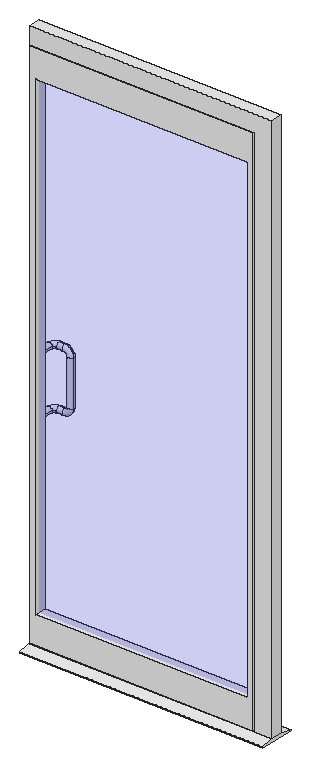
Revit family
Parameters (values of type "As Specified in the Contract Documents")
  ofst2 [instance] = abs(Offset from Exterior Wall Face - (Thickness / 2))  # 0' - 2"
  Top Rail [instance] = 0' - 4 3/4"
  Top RO Spacing = 0' - 0 1/4"
  Top Mechanism Height [instance] = if(Power Operation, 0' 7 1/2", 0' 3.13")  # 0' - 3.13"
  Threshold Width [instance] = 0' - 6"
  Threshold Material [instance] = Extruded Aluminum - Ellison
  Thickness = 0' - 2"  # constant formula
  Stile Size [instance] = 0' - 1"
  SpecWizard = "http://www.arcat.com/specwizard/08480ell/index.htm?coid=32253&mf="
  Revision = "R1_10-2010"
  Right RO Spacing = 0' - 0.13"
  Warranty Duration (Years) = 0
  U_Factor [instance] = 0
  URL = "http://www.ellisonbronze.com/"
  Test Data = "http://www.ellisonbronze.com/newspecs/index.html"
  Specification = "http://www.arcat.com/sdspecs/htm/08480ell.htm"
  Send Message = "http://www.arcat.com/users.pl?action=UserEmail&company=Ellison%20Bronze,%20Inc.&coid=32253&rep=106&fax=716-665-5552&mf="
  Sales Information = "http://www.ellisonbronze.com/contact.html"
  SHGC [instance] = 0
  Rough Width = Width + Right RO Spacing + Left RO Spacing  # 3' - 6.29"
  Rough Height = Height + Right RO Spacing  # 8' - 1.13"
  R_Value [instance] = 0
  Product Properties = ""
  Product Data = "http://www.arcat.com/arcatcos/cos32/arc32253.html"
  Power Operation [instance] = no
  Panel Material = Extruded Aluminum - Ellison
  Operation = "As Specified in 08 42 36"
  Muntin Width [instance] = 0' - 0 1/4"
  Model = "As Specified in 08 42 36"
  Minor Door Swing Y Start = Width * 0.507  # 1' - 7.71216"
  Minor Door Swing X Start = Width * 0.6157  # 1' - 11.93842"
  Minor Door Swing Radius = Width * 0.5367  # 1' - 8.8669"
  Manufacturer Website = "http://www.ellisonbronze.com/"
  Manufacturer Phone - Toll Free = "800-665-6445 "
  Manufacturer Phone = "716-665-6522 "
  Manufacturer Fax = "716-665-5552"
  Manufacturer Address = "125 W. Main St., Falconer, NY 14733"
  Manufacturer = "Ellison Bronze, Inc."
  Maintenance Schedule (Months) = 0
  Left RO Spacing = 0' - 3.28"
  Keynote = "08 42 36"
  Installation-Fabrication = "http://www.ellisonbronze.com/instmain.html"
  Installation Phase = "Exterior Enclosure"
  Height = 8' - 1"
  Has Muntins [instance] = no
  Has Miiddle Rail [instance] = no
  Hardware Finish [instance] = Extruded Aluminum - Ellison
  Half Stile Size [instance] = Stile Size * 0.5  # 0' - 0 1/2"
  Green Building-LEED = "http://www.arcat.com/green/clients/leed_data_32253.html"
  Glass Thickness = if(Height < 10' 0.01", 0' 0 1/2", 0' 0 3/4")  # 0' - 0 1/2"
  Frame Material = Extruded Aluminum - Ellison
  Fire Rating = "As Specified in 08 42 36"
  F588_Forced-Entry = "As Specified in 08 42 36"
  Expected Lifespan (Years) = 0
  E547_Water-Resistance = "As Specified in 08 42 36"
  E330_Structural-Test-Pressure = "As Specified in 08 42 36"
  E283_Air-Infiltration = "As Specified in 08 42 36"
  Drawn By = "Robert S. Weygant. CSI, CDT, SCIP"
  Door Glazing = Glass
  Description = "Aluminum Narrow Stile Balanced Door"
  Wall Closure = (empty or 0)
  Width = 3' - 2.88"
  Copyright = "2010 ARCAT, Inc."
  Construction Details = "http://www.ellisonbronze.com/newspecs/index.html"
  Offset from Exterior Wall Face [instance] = -0' - 1"
  Bottom Rail [instance] = 0' - 4 3/4"
  Assembly Code = "B2020100"
  AAMA Conformance = "As Specified in 08 42 36"
Reference planes (in)
  plane 1 "Center (Front/Back)": y = 0.3125
  plane 2 "Center (Left/Right)": x = -0.64125
  plane 3 "Left": x = -21.72125
  plane 4 "Right": x = 17.15875
  plane 5 "Center": z = 47.27875
  plane 6 "Exterior": y = 2.3125
  plane 7 "Interior": y = -3.6875
  plane 8 "FrameRight": x = 20.43875
  plane 9 "FrameLeft": x = -21.85125
  plane 10 "FrameUpper": z = 97
  plane 11 "Top": z = 97.25
  plane 12: z = 93.87
  plane 13: z = 0.6875
Forms (in)
  Extrusion 1, solid, material "Extruded Aluminum - Ellison" <- "Panel Material"
    sketch origin (0, 0.3125, 0) x (1, 0, 0) y (0, 0, 1)
      loop
        line (17.15875, 93.87) -> (-21.72125, 93.87) -> (-21.72125, 0.6875) -> (17.15875, 0.6875) -> (17.15875, 93.87)
      loop
        line (16.15875, 89.12) -> (-20.72125, 89.12) -> (-20.72125, 5.4375) -> (16.15875, 5.4375) -> (16.15875, 89.12)
    from -1 to 1
  Extrusion 2, solid, material "Glass" <- "Door Glazing"
    sketch origin (0, 0.3125, 0) x (1, 0, 0) y (0, 0, 1)
      loop
        line (17.15875, 93.87) -> (-21.72125, 93.87) -> (-21.72125, 0.6875) -> (17.15875, 0.6875) -> (17.15875, 93.87)
    from -0.25 to 0.25
  Extrusion 3, solid, material "Extruded Aluminum - Ellison" <- "Frame Material"
    sketch origin (0, 0.3125, 3.125) x (1, 0, 0) y (0, 0, 1)
      loop
        line (20.43875, 93.875) -> (-21.85125, 93.875) -> (-21.85125, 90.87) -> (17.40875, 90.87) -> (17.40875, -2.625) -> (20.43875, -2.625) -> (20.43875, 93.875)
    from -1 to 1
  Extrusion 4, solid, material "Extruded Aluminum - Ellison" <- "Panel Material", visible <- "Has Muntins"
    sketch origin (0, 0.3125, 0) x (1, 0, 0) y (0, 0, 1)
      loop
        line (-0.51625, 89.12) -> (-0.76625, 89.12) -> (-0.76625, 47.40375) -> (-20.72125, 47.40375) -> (-20.72125, 47.15375) -> (-0.76625, 47.15375) -> (-0.76625, 5.4375) -> (-0.51625, 5.4375) -> (-0.51625, 47.15375) -> (16.15875, 47.15375) -> (16.15875, 47.40375) -> (-0.51625, 47.40375) -> (-0.51625, 89.12)
    from -1 to 1
  Extrusion 5, solid, material "Extruded Aluminum - Ellison" <- "Threshold Material"
    sketch origin (-0.64125, 0, 0) x (0, 1, 0) y (0, 0, 1)
      loop
        line (3.3125, 0) -> (3.3125, 0.19) -> (1.33515, 0.5) -> (-0.71015, 0.5) -> (-2.6875, 0.19) -> (-2.6875, 0) -> (3.3125, 0)
    from -21.21 to 21.08
  Extrusion 6, solid, material "Extruded Aluminum - Ellison" <- "Panel Material", visible <- "Has Miiddle Rail"
    sketch origin (0, 0.3125, -3.71625) x (1, 0, 0) y (0, 0, 1)
      loop
        line (16.15875, 47.40375) -> (-20.72125, 47.40375) -> (-20.72125, 41.40375) -> (16.15875, 41.40375) -> (16.15875, 47.40375)
    from -1 to 1
Lines and regions (in)
  Opening 1
    outline origin (-95.7153, -3.6875, 0) x (1, 0, 0) y (0, 0, 1)
      loop
        line (73.86405, 97.25) -> (73.86405, 0) -> (116.15405, 0) -> (116.15405, 97.25) -> (73.86405, 97.25)
  symbolic lines, style "Elevation Swing"
    curve 1: line (-21.72125, 0, 93.87) -> (17.15875, 0, 47.27875)
    curve 2: line (-21.72125, 0, 0.6875) -> (17.15875, 0, 47.27875)
  symbolic lines, style "DoorsPanelProjection"
    curve 3: line (16.13107, -11.9375, 0) -> (14.13107, -11.9375, 0)
    curve 4: line (16.13107, -11.9375, 0) -> (16.13107, 26.9425, 0)
    curve 5: line (16.13107, 26.9425, 0) -> (14.13107, 26.9425, 0)
    curve 6: line (14.13107, -11.9375, 0) -> (14.13107, 26.9425, 0)
    curve 7: arc (-21.71923, 1.3125, 0) -> (-17.65467, 12.77509, 0) -> (-7.88967, 20.02466, 0) r 20.8669
  symbolic lines, style "Plan Swing"
    curve 8: arc (-7.88967, 20.02466, 0) -> (2.90967, 24.15534, 0) -> (14.13107, 26.9425, 0) r 94.93214
  symbolic lines, style "DoorsFrameMullionProjection"
    curve 9: line (20.43875, 1.3125, 0) -> (17.40875, 1.3125, 0)
    curve 10: line (20.43875, -0.6875, 0) -> (20.43875, 1.3125, 0)
    curve 11: line (17.40875, -0.6875, 0) -> (20.43875, -0.6875, 0)
    curve 12: line (17.40875, 1.3125, 0) -> (17.40875, -0.6875, 0)
  reference lines
    curve 13: line (16.15875, 0.3125, 5.4375) -> (16.15875, 0.3125, 111.6875)
    curve 14: line (-20.72125, 0.3125, 6.6875) -> (-20.72125, 0.3125, 111.6875)
    curve 15: line (4.04875, 0.3125, 89.12) -> (40.40875, 0.3125, 89.12)
    curve 16: line (4.04875, 0.3125, 5.4375) -> (45.40875, 0.3125, 5.4375)
Text (in)
  text "EXTERIOR" at (-79.42766, 23.47596, 0), in view "Ref. Level"
  text "INTERIOR" at (-79.42766, -17.27685, 0), in view "Ref. Level"
  text "Exterior" at (0, 47.2975, 123.29936), in view "Left"
  text "Exterior" at (0, 19.21628, 132.11189), in view "Right"
Dimensions and locks (in)
  host wall to plane 6 "Exterior" = 0' - 0"
  host wall to plane 7 "Interior" = 0' - 0"
  "Width": plane 3 "Left" to plane 4 "Right"
  equal spacing: plane 3 "Left", plane 2 "Center (Left/Right)", plane 8 "FrameRight"
  "Right RO Spacing": plane 9 "FrameLeft" to plane 3 "Left"
  "Left RO Spacing": plane 4 "Right" to plane 8 "FrameRight"
  "ofst2": plane 1 "Center (Front/Back)" to host wall
  locked: plane 13 to level at 0.6875
  equal spacing: plane 13, plane 5 "Center", plane 12
  "Thickness": Extrusion 1 to Extrusion 1
  "Width": curve 5 to curve 3
  "Glass Thickness": Extrusion 2 to Extrusion 2
  equal spacing: Extrusion 2, plane 1 "Center (Front/Back)", Extrusion 2
  equal spacing: Extrusion 1, plane 1 "Center (Front/Back)", Extrusion 1
  locked: curve 3 to plane 1 "Center (Front/Back)" at 12.25
  "Minor Door Swing Y Start": plane 1 "Center (Front/Back)" to curve 8
  "Muntin Width": Extrusion 4 sketch curve to Extrusion 4 sketch curve  (x2)
  equal spacing: Extrusion 4 sketch curve, plane 5 "Center", Extrusion 4 sketch curve
  equal spacing: Extrusion 4 sketch curve, plane 2 "Center (Left/Right)", Extrusion 4 sketch curve
  "Top Mechanism Height": plane 12 to plane 10 "FrameUpper"
  "Height": level to plane 10 "FrameUpper"
  "Top RO Spacing": plane 10 "FrameUpper" to plane 11 "Top"
  locked: curve 6 to plane 8 "FrameRight" at 6.30768
  "Thickness": curve 6 to curve 4
  "Stile Size": curve 13 to plane 4 "Right"
  "Stile Size": plane 3 "Left" to curve 14
  "Top Rail": curve 15 to plane 12
  "Bottom Rail": plane 13 to curve 16
  "Half Stile Size": plane 3 "Left" to nested 1
  equal spacing: Extrusion 5 sketch curve, plane 1 "Center (Front/Back)", Extrusion 5 sketch curve
  locked: Extrusion 5 sketch curve to level at 0.5
  Extrusion 5 sketch curve to plane 1 "Center (Front/Back)" to Extrusion 5 sketch curve = 0' - 1.02265" locked, 0' - 1.02265" locked
  "Threshold Width": Extrusion 5 to Extrusion 5
  level to Extrusion 6 sketch curve to Extrusion 6 sketch curve = 3' - 1 11/16" locked, 0' - 6" locked
  "Minor Door Swing Radius": radius of curve 7
  aligned and locked: Opening 1 sketch curve to plane 8 "FrameRight"
  aligned and locked: plane 9 "FrameLeft" to Opening 1 sketch curve
  aligned and locked: Opening 1 sketch curve to plane 11 "Top"
  aligned and locked: level to Opening 1 sketch curve
  aligned and locked: plane 4 "Right" to curve 2
  aligned and locked: plane 5 "Center" to curve 2
  aligned and locked: Extrusion 1 to curve 7
  aligned and locked: host wall to plane 7 "Interior"
  aligned and locked: plane 6 "Exterior" to host wall
  aligned and locked: curve 5 to curve 8
  aligned and locked: Extrusion 4 sketch curve to Extrusion 4 sketch curve  (x4)
  aligned and locked: Extrusion 3 to curve 9
  aligned and locked: curve 9 to Extrusion 3
  aligned and locked: curve 12 to Extrusion 3  (x2)
  aligned and locked: Extrusion 1 sketch curve to curve 13
  aligned and locked: Extrusion 1 sketch curve to curve 14
  aligned and locked: Extrusion 1 sketch curve to curve 16
  aligned and locked: Extrusion 1 sketch curve to curve 15
  aligned and locked: curve 13 to Extrusion 4 sketch curve
  aligned and locked: Extrusion 4 sketch curve to curve 14
  aligned and locked: curve 15 to Extrusion 4 sketch curve
  aligned and locked: Extrusion 4 sketch curve to curve 16
  aligned and locked: Extrusion 5 to plane 8 "FrameRight"
  aligned and locked: Extrusion 5 to plane 9 "FrameLeft"
  aligned and locked: Extrusion 6 sketch curve to curve 14
  aligned and locked: curve 13 to Extrusion 6 sketch curve
  aligned and locked: Extrusion 1 to Extrusion 4  (x2)
  aligned and locked: Extrusion 1 to Extrusion 6  (x2)
  aligned and locked: Extrusion 3 to Extrusion 1  (x2)
Automatic sketch dimensions
  curve 1 to plane 3 "Left" = 0' - 0"
  curve 1 to plane 12 = 0' - 0"
  curve 2 to plane 3 "Left" = 0' - 0"
  curve 2 to plane 13 = 0' - 0"
  curve 7 to plane 1 "Center (Front/Back)" = 0' - 0.06016"
  curve 7 to plane 2 "Center (Left/Right)" = 0' - 0.23226"
  curve 8 to plane 8 "FrameRight" = 0' - 10.92301"
  Extrusion 1 sketch curve to plane 3 "Left" = 0' - 0"
  Extrusion 1 sketch curve to plane 4 "Right" = 0' - 0"
  Extrusion 1 sketch curve to plane 13 = 0' - 0"
  Extrusion 1 sketch curve to plane 12 = 0' - 0"
  Extrusion 3 sketch curve to plane 9 "FrameLeft" = 0' - 0"
  Extrusion 3 sketch curve to plane 8 "FrameRight" = 0' - 0"
  Extrusion 3 sketch curve to plane 10 "FrameUpper" = 0' - 0"
  Extrusion 3 sketch curve to plane 4 "Right" = 0' - 0 1/4"
  plane 12 to Extrusion 3 sketch curve = 0' - 0 1/8"
  Extrusion 3 sketch curve to plane 13 = 0' - 0 3/16"
  plane 2 "Center (Left/Right)" to curve 15 = 0' - 4.69"
  plane 2 "Center (Left/Right)" to curve 16 = 0' - 4.69"
  curve 15 to plane 8 "FrameRight" = 1' - 7.97"
  curve 16 to plane 8 "FrameRight" = 2' - 0.97"
  plane 13 to curve 14 = 0' - 6"
  plane 11 "Top" to curve 14 = 1' - 2 7/16"
  plane 11 "Top" to curve 13 = 1' - 2 7/16"
  Extrusion 5 sketch curve to level = 0' - 0"
  host wall to Extrusion 5 sketch curve = 0' - 2"
  level to Extrusion 5 sketch curve = 0' - 0.19"  (x2)
  Extrusion 2 sketch curve to plane 3 "Left" = 0' - 0"
  Extrusion 2 sketch curve to plane 4 "Right" = 0' - 0"
  Extrusion 2 sketch curve to plane 13 = 0' - 0"
  Extrusion 2 sketch curve to plane 12 = 0' - 0"
Nested families (in)
  nested 1: "Handle_Offset_Ellison" at (-21.22125, 1.3125, 40.68751) x (1, 0, 0) z (0, 1, 0), type "Handle_Offset_Ellison"
Definition of nested family "Handle_Offset_Ellison"
  Parameters
    Material = none
    Default Elevation = 4' - 0"
  Reference planes (in)
    plane 1 "Center (Front/Back)": y = 0
    plane 2: z = 0
    plane 3 "Center (Left/Right)": x = 0
  Forms (in)
    Sweep 1, solid, material <- "Material"
      path origin (0, 0, 0) x (1, 0, 0) y (0, 1, 0)
        loop
          line (1, -4.99999) -> (2, -4.99999)
          arc (2, -4.99999) -> (2.70635, -4.70785) -> (3, -4.00213) r 1
          line (3, -4.00213) -> (3, 3.99999)
          arc (3, 3.99999) -> (2.7071, 4.70709) -> (2, 4.99999) r 1
          line (2, 4.99999) -> (1, 4.99999)
      profile "PR-Circle : PR-Circle" origin (1.5, 4.99999, 0) x (0, -1, 0) y (0, 0, 1)
        loop
          circle (0, 2.5) r 0.5
    Sweep 2, solid, material <- "Material"
      path origin (2.99999, -7.49999, -2.49999) x (-1, 0, 0) y (0, 0, 1)
        loop
          arc (2, 4.99999) -> (2.70635, 4.70785) -> (3, 4.00213) r 1
          line (3, 4.00213) -> (3, 2.49999)
      profile "PR-Circle : PR-Circle" origin (0.29365, -7.49999, 2.20787) x (-0.706347, 0, 0.707865) y (0, 1, 0)
        loop
          circle (0, 2.5) r 0.5
    Sweep 3, solid, material <- "Material"
      path origin (2.99999, 7.49999, -2.49999) x (-1, 0, 0) y (0, 0, -1)
        loop
          arc (2, -4.99999) -> (2.70635, -4.70785) -> (3, -4.00213) r 1
          line (3, -4.00213) -> (3, -2.49999)
      profile "PR-Circle : PR-Circle" origin (0.29365, 7.49999, 2.20787) x (0.706347, 0, -0.707865) y (0, -1, 0)
        loop
          circle (0, 2.5) r 0.5
  Cuts and joins
    joined: Sweep 1, Sweep 2, Sweep 3
